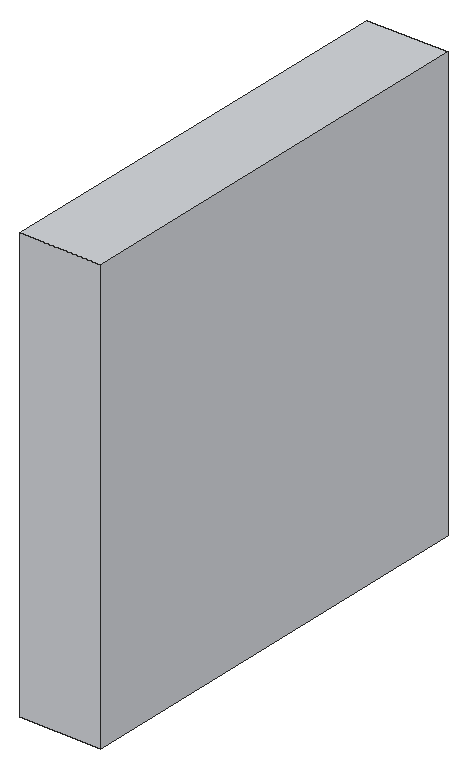
Revit family "BUYL_Schalter", category Lichtschalter, Revit 2014
Parameters
  Versatz_Y [instance] = if(ELT_y = 0, 0 mm, ELT_y * 2.5 mm)  # 0 mm
  Versatz_X [instance] = if(ELT_x = 0, 0 mm, ELT_x * 3 mm)  # 3 mm
  Spannung = 230 V
  Scheinlast = 0 VA
  Pole = 1
  Lastklassifizierung = Sonstige
  Kreuzschalter = yes
  ELT_y [instance] = 0
  ELT_x [instance] = 1
  ELT_Montagehöhe [instance] = 900 mm
Reference planes
  plane 1 "Mitte (Vorne/Hinten)": y = 0
  plane 2: z = 0
  plane 3 "Mitte (Links/Rechts)": x = 0
  plane 4: z = 900
Lines and regions (mm)
  reference lines
    curve 1: line (0, 77.058, 0) -> (0, -80.209, 0)
    curve 2: line (62.293, 0, 0) -> (214.154, 0, 0)
Dimensions and locks
  "ELT_Montagehöhe": plane 4 to level
  "Versatz_X": curve 1 to nested 2
  "Versatz_Y": curve 2 to nested 2
  aligned and locked: level to plane 2
  aligned and locked: plane 3 "Mitte (Links/Rechts)" to nested 1
  aligned and locked: plane 4 to nested 1
  aligned and locked: plane 1 "Mitte (Vorne/Hinten)" to nested 1
Automatic sketch dimensions
  curve 1 to plane 3 "Mitte (Links/Rechts)" = 0 mm
  plane 3 "Mitte (Links/Rechts)" to curve 2 = 62.293 mm
  curve 2 to curve 2 = 151.861 mm
  plane 1 "Mitte (Vorne/Hinten)" to curve 1 = 80.209 mm
  curve 1 to plane 1 "Mitte (Vorne/Hinten)" = 77.058 mm
  plane 1 "Mitte (Vorne/Hinten)" to curve 2 = 0 mm
Nested families
  nested 1: "3D_Schalter" at (0, 0, 900), type "3D_Schalter", detail levels fine
  nested 2: "Ausschalter_1_Polig" at (3, 0, 0) x (0, -1, 0) z (0, 0, 1), Abstand <- "Versatz_X", type "Ausschalter_1_Polig"
    with Abstand 3 mm
Connectors
  electrical at (0, 0, 0), driven by "Pole", driven by "Lastklassifizierung", driven by "Spannung", driven by "Scheinlast"
    settings: index 1, voltage 230 V, apparent load 0 VA, apparent load phase1 0 VA, apparent load phase2 0 VA, apparent load phase3 0 VA, power factor 1, load classification "Sonstige", number of poles 1, system type 30, power factor state 1, is connector primary yes, connector utility no, sub classification motor no, connector description ""
Definition of nested family "3D_Schalter"
  Parameters (values of type "3D_Schalter")
    Schaltertiefe = 15 mm
    Schalterbreite = 80 mm
  Reference planes
    plane 1 "Mitte (Vorne/Hinten)": y = 0
    plane 2: z = 0
    plane 3 "Mitte (Links/Rechts)": x = 0
  Forms (mm)
    Extrusion 1, solid
      sketch origin (0, 0, 0) x (0, 1, 0) y (0, 0, 1)
        loop
          line (-40, -40) -> (40, -40) -> (40, 40) -> (-40, 40) -> (-40, -40)
      from 0 to 15 <- "Schaltertiefe"
  Dimensions and locks
    equal spacing: Extrusion 1 sketch curve, plane 1 "Mitte (Vorne/Hinten)", Extrusion 1 sketch curve
    equal spacing: Extrusion 1 sketch curve, level, Extrusion 1 sketch curve
    "Schalterbreite": Extrusion 1 sketch curve to Extrusion 1 sketch curve  (x2)
    aligned and locked: level to plane 2
Definition of nested family "Ausschalter_1_Polig"
  Parameters (values of type "Ausschalter_1_Polig")
    Abstand [instance] = 0.397 mm
  Reference planes
    plane 1: y = 0
    plane 2: x = 0
  Lines and regions (mm)
    detail lines, style "ELT_Schaltgeräte"
      curve 1: arc (-0.675, 1.072, 0) -> (0, 0.397, 0) -> (0.675, 1.072, 0) r 0.675
      curve 2: arc (0.675, 1.072, 0) -> (0, 1.747, 0) -> (-0.675, 1.072, 0) r 0.675
      curve 3: line (0.231, 1.707, 0) -> (0.821, 3.328, 0)
      curve 4: line (0.821, 3.328, 0) -> (1.455, 3.097, 0)
    detail lines, style "ELT_Schaltgeräte", not visible
      curve 5: arc (-0.675, 1.072, 0) -> (0, 0.397, 0) -> (0.675, 1.072, 0) r 0.675
      curve 6: arc (0.675, 1.072, 0) -> (0, 1.747, 0) -> (-0.675, 1.072, 0) r 0.675
      curve 7: line (0.231, 1.707, 0) -> (0.821, 3.328, 0)
      curve 8: line (0.821, 3.328, 0) -> (1.455, 3.097, 0)
  Dimensions and locks
    "Abstand": plane 1 to curve 1
